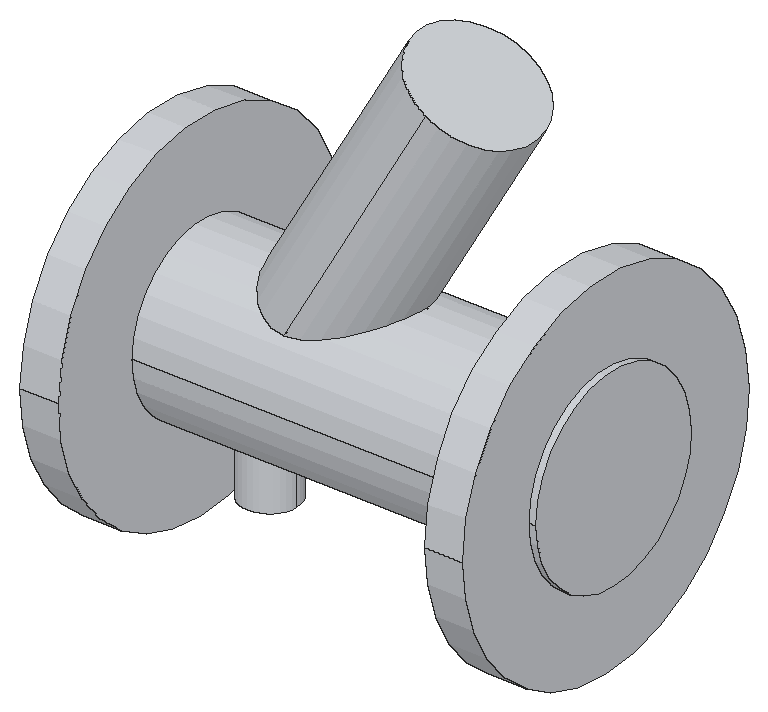
Revit family "HS 821-síto_jemné-PN16-DN032-RFA_2018", category Pipe Accessories, Revit 2018
Family settings
  Round Connector Dimension = Use Diameter
  Part Type = Breaks Into
  Work Plane-Based = No
  Always vertical = Yes
  Cut with Voids When Loaded = No
  Shared = No
Parameters (values of type "821A-DN032-PN16-síto_jemné")
  magiProductId = "227a0d18b21540afabe8b6067d35fa"
  magiProductFamilyId = "79214ac3aaa945e397802f559f5c1e"
  magiPartTypeId = 307
  isMeasuringValve [instance] = no
  ang2D [instance] = 0.00°
  ZB__ve = -ZB  # -23 mm
  ZB1 = 30.78 mm
  ZB = 23 mm
  X2 = 68.849 mm
  X1 = 25.2 mm
  W2D = 15 mm
  VersionID = "2.0/2017.9.26.1/ZETKAMA_821_001"
  Use Minimum Symbol Size [instance] = yes
  URL = "www.hydronix.cz"
  Type Comments = "Filtr přírubový; síto jemné; A-PN16 (-10~300°C); D-PN25 (-10~350°C); F-PN40 (-10~400°C)"
  S = 76 mm
  QmdConnectorList = "301;D;302;D"
  Productdata [instance] = ""
  Manufacturer = "Hydronix"
  MC Product Code = "210 132 (821A; DN032; PN16; kvs23,1; oko síta 0,63mm)"
  LM1 = 14.4 mm
  LM = 144 mm
  L4 = 45 mm
  L2D_Min = 3048 mm
  L2D = 130 mm
  L2 = 90 mm
  HH2 = 119.25 mm
  FD = 140 mm
  Description = "Filtr přírubový; síto jemné; 821A-PN16; 821D-PN25; 821F-PN40"
  DM1 = 50.4 mm
  DM = 68.4 mm
  D = 32 mm
  CC = 3.06 mm
  CAT0 = yes
  C1 = 14.94 mm
  C = 18 mm
  BD = 21.546 mm
Types (40, lengths in mm): name | magiProductId | ZB__ve | ZB1 | ZB | X2 | X1 | S | MC Product Code | LM1 | LM | L4 | L2 | HH2 | FD | DM1 | DM | D | CC | C1 | C | BD
  821A-DN015-PN16-síto_jemné | "a71bcfe8b393460598b23e8ddf7dc5" | -16.25 | 18.63 | 16.25 | 46.982 | 18.2 | 46 | "210 115 (821A; DN015; PN16; kvs6,2; oko síta 0,63mm)" | 10.4 | 104 | 32.5 | 65 | 81.375 | 95 | 27.6 | 41.4 | 15 | 2.21 | 10.79 | 13 | 13.041
  821A-DN020-PN16-síto_jemné | "41cd6c7a12924f4991217528336076" | -17.75 | 22.68 | 17.75 | 51.673 | 21 | 56 | "210 120 (821A; DN020; PN16; kvs9,6; oko síta 0,63mm)" | 12 | 120 | 37.5 | 75 | 89.5 | 105 | 33.6 | 50.4 | 20 | 2.55 | 12.45 | 15 | 15.876
  821A-DN025-PN16-síto_jemné | "be378b463ed14c3abf4c9b3ae8cf3a" | -19.25 | 26.325 | 19.25 | 58.601 | 22.4 | 65 | "210 125 (821A; DN025; PN16; kvs14,2; oko síta 0,63mm)" | 12.8 | 128 | 40 | 80 | 101.5 | 115 | 43.2 | 58.5 | 25 | 2.72 | 13.28 | 16 | 18.427
  821A-DN032-PN16-síto_jemné | "227a0d18b21540afabe8b6067d35fa" | -23 | 30.78 | 23 | 68.849 | 25.2 | 76 | "210 132 (821A; DN032; PN16; kvs23,1; oko síta 0,63mm)" | 14.4 | 144 | 45 | 90 | 119.25 | 140 | 50.4 | 68.4 | 32 | 3.06 | 14.94 | 18 | 21.546
  821A-DN040-PN16-síto_jemné | "d106917c74724141a10440112d0102" | -24.5 | 34.02 | 24.5 | 75.777 | 28 | 84 | "210 140 (821A; DN040; PN16; kvs36,6; oko síta 0,63mm)" | 16 | 160 | 50 | 100 | 131.25 | 150 | 60 | 75.6 | 40 | 3.4 | 16.6 | 20 | 23.814
  821A-DN050-PN16-síto_jemné | "8255d456a09e4f6486734f5dd9171b" | -26.75 | 40.095 | 26.75 | 79.061 | 32.2 | 99 | "210 150 (821A; DN050 PN16; kvs53,7; oko síta 0,63mm)" | 18.4 | 184 | 57.5 | 115 | 136.938 | 165 | 73.8 | 89.1 | 50 | 3.91 | 19.09 | 23 | 28.066
  821A-DN065-PN16-síto_jemné | "235b1b3e4c0843779a4d5e3716d40a" | -29.75 | 47.79 | 29.75 | 86.927 | 40.6 | 118 | "210 165 (821A; DN065; PN16; kvs95,1; oko síta 0,63mm)" | 23.2 | 232 | 72.5 | 145 | 150.562 | 185 | 94.2 | 106.2 | 65 | 4.93 | 24.07 | 29 | 33.453
  821A-DN080-PN16-síto_jemné | "a067f7c5236348ed8c820d16df7214" | -32 | 53.46 | 32 | 104.753 | 43.4 | 132 | "210 180 (821A; DN080; PN16; kvs137,1; oko síta 0,63mm)" | 24.8 | 248 | 77.5 | 155 | 181.438 | 200 | 107.4 | 118.8 | 80 | 5.27 | 25.73 | 31 | 37.422
  821A-DN100-PN16-síto_jemné | "c49a648c2747461285837d643703cd" | -35 | 63.18 | 35 | 114.857 | 49 | 156 | "210 190 (821A; DN100; PN16; kvs206,4; oko síta 0,63mm)" | 28 | 280 | 87.5 | 175 | 198.937 | 220 | 131.4 | 140.4 | 100 | 5.95 | 29.05 | 35 | 44.226
  821A-DN125-PN16-síto_jemné | "bf68e728a163493cbd2a663b26ebdc" | -39.5 | 74.52 | 39.5 | 131.888 | 56 | 184 | "210 191 (821A; DN125; PN16; kvs268,8; oko síta 0,63mm)" | 32 | 320 | 100 | 200 | 228.438 | 250 | 165 | 165.6 | 125 | 6.8 | 33.2 | 40 | 52.164
  821A-DN150-PN16-síto_jemné | "2de770284b654863ae6bc865769dc5" | -44.75 | 85.455 | 44.75 | 155.885 | 67.2 | 211 | "210 192 (821A; DN150; PN16; kvs401,4; oko síta 0,63mm)" | 38.4 | 384 | 120 | 240 | 270 | 285 | 192 | 189.9 | 150 | 8.16 | 39.84 | 48 | 59.818
  821A-DN200-PN16-síto_jemné | "8e5693371ab64aabb29a7f08c76e15" | -53 | 107.73 | 53 | 188.361 | 84 | 266 | "210 193 (821A; DN200; PN16; kvs706,7; oko síta 0,63mm)" | 48 | 480 | 150 | 300 | 326.25 | 340 | 252 | 239.4 | 200 | 10.2 | 49.8 | 60 | 75.411
  821A-DN250-PN16-síto_jemné | "05e37ed948c34047acdd4c42556504" | -62.75 | 129.195 | 62.75 | 255.911 | 102.2 | 319 | "210 194 (821A; DN250; PN16; kvs1229,4; oko síta 0,63mm)" | 58.4 | 584 | 182.5 | 365 | 443.25 | 405 | 309.6 | 287.1 | 250 | 12.41 | 60.59 | 73 | 90.436
  821A-DN300-PN16-síto_jemné | "9ad0af747269428da925480d83ce80" | -71 | 149.85 | 71 | 325.914 | 119 | 370 | "210 195 (821A; DN300; PN16; kvs1902,4; oko síta 0,63mm)" | 68 | 680 | 212.5 | 425 | 564.5 | 460 | 369.6 | 333 | 300 | 14.45 | 70.55 | 85 | 104.895
  821A-DN350-PN16-síto_jemné | "eebc71459bb3451bb4355e7951370a" | -80 | 173.745 | 80 | 356.875 | 137.2 | 429 | "200 196 (821A; DN350; PN16; kvs2611,0; oko síta 0,63mm)" | 78.4 | 784 | 245 | 490 | 618.125 | 520 | 438 | 386.1 | 350 | 16.66 | 81.34 | 98 | 121.621
  821A-DN400-PN16-síto_jemné | "d2f677cb196647e385b2590e7d8abe" | -89 | 194.4 | 89 | 392.237 | 154 | 480 | "210 197 (821A; DN400; PN16; kvs3438,4; oko síta 0,63mm)" | 88 | 880 | 275 | 550 | 679.375 | 580 | 498 | 432 | 400 | 18.7 | 91.3 | 110 | 136.08
  821D-DN015-PN25-síto_jemné | "27ddcbf555414f8ca1fde329bf9087" | -16.25 | 18.63 | 16.25 | 46.982 | 18.2 | 46 | "210 215 (821D; DN015; PN25; kvs6,2; oko síta 0,63mm)" | 10.4 | 104 | 32.5 | 65 | 81.375 | 95 | 27.6 | 41.4 | 15 | 2.21 | 10.79 | 13 | 13.041
  821D-DN020-PN25-síto_jemné | "270e0f14012f47189cd0235c18faee" | -17.75 | 22.68 | 17.75 | 51.673 | 21 | 56 | "210 220 (821D; DN020; PN25; kvs9,6; oko síta 0,63mm)" | 12 | 120 | 37.5 | 75 | 89.5 | 105 | 33.6 | 50.4 | 20 | 2.55 | 12.45 | 15 | 15.876
  821D-DN025-PN25-síto_jemné | "b9a7fb4aa36643878c637d8e1ab992" | -19.25 | 26.325 | 19.25 | 58.601 | 22.4 | 65 | "210 225 (821D; DN025; PN25; kvs14,2; oko síta 0,63mm)" | 12.8 | 128 | 40 | 80 | 101.5 | 115 | 43.2 | 58.5 | 25 | 2.72 | 13.28 | 16 | 18.427
  821D-DN032-PN25-síto_jemné | "6be9a55c4e68400f94eec7e804204c" | -23 | 30.78 | 23 | 68.849 | 25.2 | 76 | "210 232 (821D; DN032; PN25; kvs23,1; oko síta 0,63mm)" | 14.4 | 144 | 45 | 90 | 119.25 | 140 | 50.4 | 68.4 | 32 | 3.06 | 14.94 | 18 | 21.546
  821D-DN040-PN25-síto_jemné | "c54511bd7f584ec2984291479612cb" | -24.5 | 34.02 | 24.5 | 75.777 | 28 | 84 | "210 240 (821D; DN040; PN25; kvs36,6; oko síta 0,63mm)" | 16 | 160 | 50 | 100 | 131.25 | 150 | 60 | 75.6 | 40 | 3.4 | 16.6 | 20 | 23.814
  821D-DN050-PN25-síto_jemné | "5483b1f596b04cd39b23a14a22c90e" | -26.75 | 40.095 | 26.75 | 79.061 | 32.2 | 99 | "210 250 (821D; DN050; PN25; kvs53,7; oko síta 0,63mm)" | 18.4 | 184 | 57.5 | 115 | 136.938 | 165 | 73.8 | 89.1 | 50 | 3.91 | 19.09 | 23 | 28.066
  821D-DN065-PN25-síto_jemné | "767b0f8318e94750bc7a9930ed5b30" | -29.75 | 47.79 | 29.75 | 86.927 | 40.6 | 118 | "210 265 (821D; DN065; PN25; kvs95,1; oko síta 0,63mm)" | 23.2 | 232 | 72.5 | 145 | 150.562 | 185 | 94.2 | 106.2 | 65 | 4.93 | 24.07 | 29 | 33.453
  821D-DN080-PN25-síto_jemné | "e21040fa3cc2404b858198f6b73709" | -32 | 53.46 | 32 | 104.753 | 43.4 | 132 | "210 280 (821D; DN080; PN25; kvs137,1; oko síta 0,63mm)" | 24.8 | 248 | 77.5 | 155 | 181.438 | 200 | 107.4 | 118.8 | 80 | 5.27 | 25.73 | 31 | 37.422
  821D-DN100-PN25-síto_jemné | "175ca87a506b40b3bc6b82f12f33cf" | -37.25 | 63.18 | 37.25 | 114.857 | 49 | 156 | "210 290 (821D; DN100; PN25; kvs206,4; oko síta 0,63mm)" | 28 | 280 | 87.5 | 175 | 198.937 | 235 | 131.4 | 140.4 | 100 | 5.95 | 29.05 | 35 | 44.226
  821D-DN125-PN25-síto_jemné | "77cc98d60da24855999a22dff726b2" | -42.5 | 74.52 | 42.5 | 131.888 | 56 | 184 | "210 291 (821D; DN125; PN25; kvs268,8; oko síta 0,63mm)" | 32 | 320 | 100 | 200 | 228.438 | 270 | 165 | 165.6 | 125 | 6.8 | 33.2 | 40 | 52.164
  821D-DN150-PN25-síto_jemné | "9cf8acfcd15547d68e83172d3abcbe" | -47 | 85.455 | 47 | 155.885 | 67.2 | 211 | "210 292 (821D; DN150; PN25; kvs401,4; oko síta 0,63mm)" | 38.4 | 384 | 120 | 240 | 270 | 300 | 192 | 189.9 | 150 | 8.16 | 39.84 | 48 | 59.818
  821D-DN200-PN25-síto_jemné | "16973f3c9ea14389ba8602495a6b64" | -56 | 110.97 | 56 | 188.361 | 84 | 274 | "210 293 (821D; DN200; PN25; kvs706,7; oko síta 0,63mm)" | 48 | 480 | 150 | 300 | 326.25 | 360 | 252 | 246.6 | 200 | 10.2 | 49.8 | 60 | 77.679
  821F-DN015-PN40-síto_jemné | "4c7eaf3c4c0340888b3e684d8a8616" | -16.25 | 18.225 | 16.25 | 46.982 | 18.2 | 45 | "250 615 (821F; DN015; PN40; kvs6,2; oko síta 0,63mm)" | 10.4 | 104 | 32.5 | 65 | 81.375 | 95 | 27.6 | 40.5 | 15 | 2.21 | 10.79 | 13 | 12.757
  821F-DN020-PN40-síto_jemné | "aaac5f1ec96b44d6ba96ac2293d66d" | -17.75 | 23.49 | 17.75 | 51.673 | 21 | 58 | "250 620 (821F; DN020; PN40; kvs9,6; oko síta 0,63mm)" | 12 | 120 | 37.5 | 75 | 89.5 | 105 | 33.6 | 52.2 | 20 | 2.55 | 12.45 | 15 | 16.443
  821F-DN025-PN40-síto_jemné | "504768023968471481789485b54c7e" | -19.25 | 27.54 | 19.25 | 58.601 | 22.4 | 68 | "250 625 (821F; DN025; PN40; kvs14,2; oko síta 0,63mm)" | 12.8 | 128 | 40 | 80 | 101.5 | 115 | 43.2 | 61.2 | 25 | 2.72 | 13.28 | 16 | 19.278
  821F-DN032-PN40-síto_jemné | "165e7f39cf744f329bdf1c400dad12" | -23 | 31.59 | 23 | 68.849 | 25.2 | 78 | "250 632 (821F; DN032; PN40; kvs23,1; oko síta 0,63mm)" | 14.4 | 144 | 45 | 90 | 119.25 | 140 | 50.4 | 70.2 | 32 | 3.06 | 14.94 | 18 | 22.113
  821F-DN040-PN40-síto_jemné | "b8903f952089408fbf3a5a632bab1f" | -24.5 | 35.64 | 24.5 | 75.777 | 28 | 88 | "250 640 (821F; DN040; PN40; kvs36,6; oko síta 0,63mm)" | 16 | 160 | 50 | 100 | 131.25 | 150 | 60 | 79.2 | 40 | 3.4 | 16.6 | 20 | 24.948
  821F-DN050-PN40-síto_jemné | "c451f97266fe48da8f879cb6a2bd44" | -26.75 | 41.31 | 26.75 | 79.061 | 32.2 | 102 | "250 650 (821F; DN050; PN40; kvs53,7; oko síta 0,63mm)" | 18.4 | 184 | 57.5 | 115 | 136.938 | 165 | 73.8 | 91.8 | 50 | 3.91 | 19.09 | 23 | 28.917
  821F-DN065-PN40-síto_jemné | "dc9821e3f9b34e128f6a8c6b34c198" | -29.75 | 49.41 | 29.75 | 86.927 | 40.6 | 122 | "250 665 (821F; DN065; PN40; kvs95,1; oko síta 0,63mm)" | 23.2 | 232 | 72.5 | 145 | 150.562 | 185 | 94.2 | 109.8 | 65 | 4.93 | 24.07 | 29 | 34.587
  821F-DN080-PN40-síto_jemné | "689aa1e260f84cf4994f027a1d86b5" | -32 | 55.89 | 32 | 104.753 | 43.4 | 138 | "250 680 (821F; DN080; PN40; kvs137,1; oko síta 0,63mm)" | 24.8 | 248 | 77.5 | 155 | 181.438 | 200 | 107.4 | 124.2 | 80 | 5.27 | 25.73 | 31 | 39.123
  821F-DN100-PN40-síto_jemné | "8a45d4e8e2ab425f8c432f21d684f3" | -37.25 | 65.61 | 37.25 | 114.857 | 49 | 162 | "250 690 (821F; DN100; PN40; kvs206,4; oko síta 0,63mm)" | 28 | 280 | 87.5 | 175 | 198.937 | 235 | 131.4 | 145.8 | 100 | 5.95 | 29.05 | 35 | 45.927
  821F-DN125-PN40-síto_jemné | "cf073904c006406b8645afa67ea2fc" | -42.5 | 76.14 | 42.5 | 131.888 | 56 | 188 | "250 691 (821F; DN125; PN40; kvs268,8; oko síta 0,63mm)" | 32 | 320 | 100 | 200 | 228.438 | 270 | 165 | 169.2 | 125 | 6.8 | 33.2 | 40 | 53.298
  821F-DN150-PN40-síto_jemné | "0153b9ddabe14992a630484929fdbc" | -47 | 88.29 | 47 | 155.885 | 67.2 | 218 | "250 692 (821F; DN150; PN40; kvs401,4; oko síta 0,63mm)" | 38.4 | 384 | 120 | 240 | 270 | 300 | 192 | 196.2 | 150 | 8.16 | 39.84 | 48 | 61.803
  821F-DN200-PN40-síto_jemné | "7fb3fc01dd8d42428c203e3f8dd4d5" | -56 | 115.425 | 56 | 188.361 | 84 | 285 | "250 693 (821F; DN200; PN40; kvs706,7; oko síta 0,63mm)" | 48 | 480 | 150 | 300 | 326.25 | 360 | 252 | 256.5 | 200 | 10.2 | 49.8 | 60 | 80.797
Reference planes
  plane 1 "Center (Front/Back)": y = 0
  plane 2 "XYPLANE": z = 0
  plane 3 "Center (Left/Right)": x = 0
  plane 4 "109": x = -57.6
  plane 5 "108": x = 72
  plane 6 "107": x = -72
  plane 7 "105": x = 90
  plane 8 "104": x = -90
  plane 9 "103": y = 0
  plane 10 "102": z = 0
  plane 11 "101": x = -86.94
  plane 12 "100": x = 86.94
  plane 13 "11": x = -32.4
  plane 14 "10": z = 119.25
  plane 15 "9": x = 36.449
  plane 16 "5": z = -30.78
  plane 17 "4": x = -45
  plane 18 "1": x = 45
Forms (mm)
  Extrusion 1, solid, visible <- "CAT0"
    sketch origin (-72, -750, 0) x (0, 1, 0) y (0, 0, 1)
      loop
        circle (750, 0) r 34.2
    from 0 to 144 <- "LM"
  Extrusion 2, solid
    sketch origin (-90, -750, 0) x (0, 1, 0) y (0, 0, 1)
      loop
        circle (750, 0) r 38
    from 0 to 3.06 <- "CC"
  Extrusion 3, solid
    sketch origin (-86.94, -750, 0) x (0, 1, 0) y (0, 0, 1)
      loop
        circle (750, 0) r 70
    from 0 to 14.94 <- "C1"
  Extrusion 4, solid
    sketch origin (72, -750, 0) x (0, 1, 0) y (0, 0, 1)
      loop
        circle (750, 0) r 70
    from 0 to 14.94 <- "C1"
  Extrusion 5, solid
    sketch origin (86.94, -750, 0) x (0, 1, 0) y (0, 0, 1)
      loop
        circle (750, 0) r 38
    from 0 to 3.06 <- "CC"
  Sweep 6, solid, visible <- "CAT0"
    path origin (750, 0, 0) x (-1, 0, 0) y (0, 0, 1)
      loop
        line (822, 0) -> (782.4, 0) -> (713.551, 119.25)
    profile origin (-72, 0, 0) x (0, 0, -1) y (0, 1, 0)
      loop
        circle (0, 0) r 25.2
  Extrusion 7, solid, visible <- "CAT0"
    sketch origin (-750, 0, -30.78) x (1, 0, 0) y (0, 1, 0)
      loop
        circle (705, 0) r 10.773
    from 0 to -23 <- "ZB__ve"
  Extrusion 8, solid, visible <- "CAT0"
    sketch origin (-750, 0, -30.78) x (1, 0, 0) y (0, 1, 0)
      loop
        circle (795, 0) r 10.773
    from 0 to -23 <- "ZB__ve"
  Extrusion 9, solid, not visible
    sketch origin (90, -750, 0) x (0, 1, 0) y (0, 0, 1)
      loop
        circle (750, 0) r 10
    from 0 to -10
  Extrusion 10, solid, not visible
    sketch origin (-90, -750, 0) x (0, 1, 0) y (0, 0, 1)
      loop
        circle (750, 0) r 10
    from 0 to 10
Lines and regions (mm)
  reference lines, not visible
    curve 1: circle (2, 2, 0) r 1 normal (0, 0, 1)
Dimensions and locks
  plane 1 "Center (Front/Back)" to curve 1 = 2 mm
  "LM1": plane 6 "107" to plane 4 "109"
  "LM": plane 6 "107" to plane 5 "108"
  "C": plane 8 "104" to plane 6 "107"
  "L2": plane 3 "Center (Left/Right)" to plane 7 "105"
  "L2": plane 3 "Center (Left/Right)" to plane 8 "104"
  locked: plane 1 "Center (Front/Back)" to plane 9 "103"
  locked: plane 2 "XYPLANE" to plane 10 "102"
  "CC": plane 8 "104" to plane 11 "101"
  "C1": plane 5 "108" to plane 12 "100"
  "X1": plane 4 "109" to plane 13 "11"
  "HH2": plane 2 "XYPLANE" to plane 14 "10"
  "X2": plane 13 "11" to plane 15 "9"
  "ZB1": plane 2 "XYPLANE" to plane 16 "5"
  "L4": plane 8 "104" to plane 17 "4"
  "L2": plane 17 "4" to plane 18 "1"
  Sweep 6 sketch curve to Sweep 6 sketch curve = 0 mm  (x2)
  "DM": diameter of Extrusion 1 sketch curve
  "S": diameter of Extrusion 2 sketch curve
  "FD": diameter of Extrusion 3 sketch curve
  "FD": diameter of Extrusion 4 sketch curve
  "S": diameter of Extrusion 5 sketch curve
  "DM1": diameter of Sweep 6 sketch curve
  "BD": diameter of Extrusion 7 sketch curve
  "BD": diameter of Extrusion 8 sketch curve
  aligned and locked: level to plane 2 "XYPLANE"
  aligned and locked: Extrusion 1 sketch curve to plane 9 "103"
  aligned and locked: plane 10 "102" to Extrusion 1 sketch curve
  aligned and locked: Extrusion 2 sketch curve to plane 9 "103"
  aligned and locked: plane 10 "102" to Extrusion 2 sketch curve
  aligned and locked: Extrusion 3 sketch curve to plane 9 "103"
  aligned and locked: plane 10 "102" to Extrusion 3 sketch curve
  aligned and locked: Extrusion 4 sketch curve to plane 9 "103"
  aligned and locked: plane 10 "102" to Extrusion 4 sketch curve
  aligned and locked: Extrusion 5 sketch curve to plane 9 "103"
  aligned and locked: plane 10 "102" to Extrusion 5 sketch curve
  aligned and locked: Sweep 6 sketch curve to plane 9 "103"
  aligned and locked: plane 10 "102" to Sweep 6 sketch curve  (x3)
  aligned and locked: plane 6 "107" to Sweep 6 sketch curve
  aligned and locked: plane 13 "11" to Sweep 6 sketch curve
  aligned and locked: plane 14 "10" to Sweep 6 sketch curve
  aligned and locked: plane 15 "9" to Sweep 6 sketch curve
  aligned and locked: plane 9 "103" to Extrusion 7 sketch curve
  aligned and locked: plane 17 "4" to Extrusion 7 sketch curve
  aligned and locked: plane 9 "103" to Extrusion 8 sketch curve
  aligned and locked: plane 18 "1" to Extrusion 8 sketch curve
  aligned and locked: Extrusion 9 sketch curve to plane 9 "103"
  aligned and locked: plane 10 "102" to Extrusion 9 sketch curve
  aligned and locked: Extrusion 10 sketch curve to plane 9 "103"
  aligned and locked: plane 10 "102" to Extrusion 10 sketch curve
Automatic sketch dimensions
  plane 1 "Center (Front/Back)" to Extrusion 9 sketch curve = 10 mm
  plane 1 "Center (Front/Back)" to Extrusion 10 sketch curve = 10 mm
  plane 3 "Center (Left/Right)" to curve 1 = 2 mm
  radius of curve 1 = 1 mm
Connectors
  piping at (-90, 0, 0), diameter 32, driven by "D"
    settings: on Extrusion 10, index 1, connector inside diameter 609.6 mm, connector length 0 mm, flow factor 0, pipe flow 0.0 L/s, pressure drop 0.0 Pa, fitting loss kfactor 0, connector angle 0.00°, fixture units 0, engagement length 0 mm, angle of deflection 0.00°, flow configuration 0, flow direction 0, fitting loss method 0, system type 29, joint type 0, gender type 0, connector reference index 2, connector utility 0, adjustable connector no, is connector primary yes, connector description ""
  piping at (90, 0, 0), diameter 32, driven by "D"
    settings: on Extrusion 9, index 2, connector inside diameter 609.6 mm, connector length 0 mm, flow factor 0, pipe flow 0.0 L/s, pressure drop 0.0 Pa, fitting loss kfactor 0, connector angle 0.00°, fixture units 0, engagement length 0 mm, angle of deflection 0.00°, flow configuration 0, flow direction 0, fitting loss method 0, system type 29, joint type 0, gender type 0, connector reference index 1, connector utility 0, adjustable connector no, is connector primary no, connector description ""
